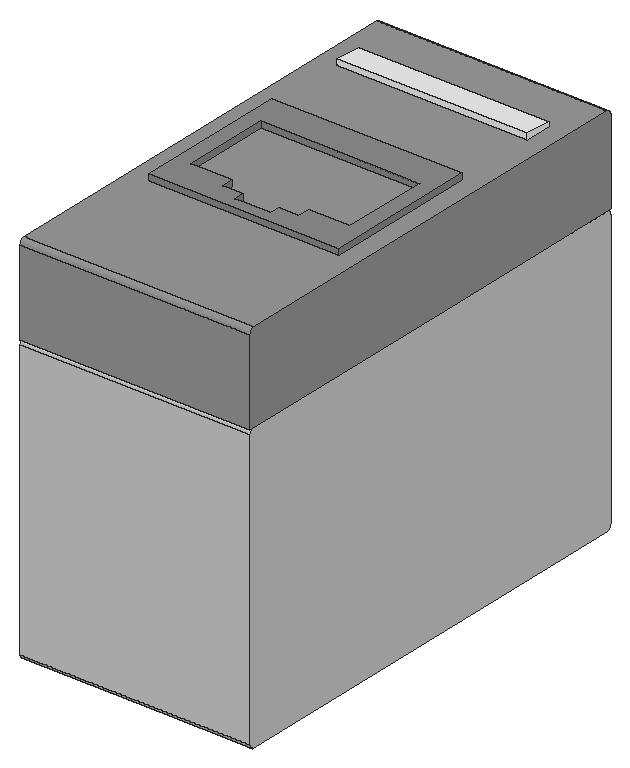
Revit family "Domotics-DomesticRanges-GEWISS-SYSTEM_DATA-SOCKET-OUTLET_RJ45", category Apparecchi elettrici, host Superficie, Revit 2016
Family settings
  Host = Superficie
  Mantenere orientamento annotazione = Sì
  Tipo di parte = Normale
  Quota connettore circolare = Usa diametro
  Numero OmniClass = 23.80.50.14
  Titolo OmniClass = Plug Connectors
  Taglio con vuoti quando caricato = Sì
  Condiviso = Sì
  Punto di calcolo locali = Sì
Parameters (values of type "GW21686 - Socket-outlet RJ45 cat6 ftp black")
  Volt = 0 V
  Vista di pianta [instance] = yes
  Version file RFA = "19.4"
  Use category = "6"
  URL = "https://www.gewiss.com/ww/en"
  Tipo_ = SYSTEM PRESE RJ45_BASE : GW21686 - Nero - 6 FTP
  Technical sheet = "https://www.gewiss.com/ww/en/search?q=GW21686"
  Simbolo = SIMBOLO PRESE TELEFONO : PRESA TEL
  SIMBOLO [instance] = yes
  SEO = "Socket outlet"
  Realized by GEWISS S.p.A. = ""
  Produttore = "GEWISS S.p.A."
  No. pairs = "4"
  No. SYSTEM modules = "1"
  N. poli = 1
  Modello = "GW21686"
  Larghezza presa = 23 mm
  IFC.TypeObject = ""
  IFC.ExportType = ""
  IFC.ExportAs = ""
  Offset pulsante [instance] = 0 mm
  Offset bidimensionale [instance] = 2 mm
  IDT = "4cc29fa8-c327-42cf-aab6-241808a3342b"
  IDF = "e377b961-ed39-430b-951e-6a8c3b17b373"
  Electrocod = "3722"
  EAN code = "8011564247307"
  Distanza_x [instance] = 0 mm
  Distanza_effettiva_x [instance] = 1500 mm - Distanza_x  # 1500 mm
  Default Elevation = 1219.2 mm
  Immagine tipo = GW21686.jpg
  Descrizione = "SOCKET-OUTLET RJ45 CAT6 FTP SY/BK"
  Description: = "RJ45"
  Description. = "RJ45 connector"
  Connection type = "Insulation puncture"
  Connection = "Toolless"
  Compatibility = ""
  Colour = "Black"
  Catalogue Range = "SYSTEM BLACK"
  Catalogue = "DOMOTICS"
  Carico apparente = 0 VA
  Cables = "FTP"
  COBie.Tagnumber = ""
  COBie.CreatedOn = ""
  COBie.CreatebBy = ""
  COBie.ComponentRegisterItemID = ""
  COBie.Component.TagNumber = ""
  COBie.Component.Space = ""
  COBie.Component.SerialNumber = ""
  COBie.Component.InstallationDate = ""
  COBie.Component.Description = ""
  COBie.Component.BarCode = ""
Types (10, lengths in mm): name | Use category | Tipo_ | Technical sheet | Modello | IDT | EAN code | Immagine tipo | Descrizione | Description. | Compatibility | Colour | Catalogue Range | Cables
  GW20243 - Phone s.-outlet RJ45 cat.5e white | "5e" | SYSTEM PRESE RJ45_BASE : GW20243 - Bianco - 5E FTP | "https://www.gewiss.com/ww/en/search?q=GW20243" | "GW20243" | "be156daa-93b9-4891-b725-4496810652ae" | "8011564038509" | GW20243.jpg | "PHONE S.-OUTLET RJ45 CAT.5E SY/WT" | "RJ45" | "" | "White" | "SYSTEM WHITE" | "FTP"
  GW21243 - Phone s.-outlet RJ45 cat.5e black | "5e" | SYSTEM PRESE RJ45_BASE : GW21243 - Nero - 5E FTP | "https://www.gewiss.com/ww/en/search?q=GW21243" | "GW21243" | "8baac18f-d85d-45cd-937b-b3e8e6c7901c" | "8011564128941" | GW21243.jpg | "PHONE S.-OUTLET RJ45 CAT.5E SY/BK" | "RJ45 connector" | "" | "Black" | "SYSTEM BLACK" | "FTP"
  GW20271 - Data connector RJ45 cat.5e utp white | "5e" | SYSTEM PRESE RJ45_BASE : GW20271 - Bianco - 5E UTP | "https://www.gewiss.com/ww/en/search?q=GW20271" | "GW20271" | "ac957603-c2f0-4ffb-b60c-4411caf349e8" | "8011564045828" | GW20271.jpg | "DATA CONNECTOR RJ45 CAT.5E UTP SY/WT" | "RJ45 connector" | "AMP / Keystone Jack" | "White" | "SYSTEM WHITE" | "UTP"
  GW20684 - Socket-outlet RJ45 cat6 utp white | "6" | SYSTEM PRESE RJ45_BASE : GW20684 - Bianco - 6 UTP - Cablaggio con attrezzo | "https://www.gewiss.com/ww/en/search?q=GW20684" | "GW20684" | "a8f58a9a-cda0-4294-bd6c-0d6c2f9dd714" | "8011564117655" | GW20684.jpg | "SOCKET-OUTLET RJ45 CAT6 UTP SY/WT" | "RJ45" | "" | "White" | "SYSTEM WHITE" | "UTP"
  GW20685 - Socket-outlet RJ45 cat6 utp white | "6" | SYSTEM PRESE RJ45_BASE : GW20685 - Bianco - 6 UTP | "https://www.gewiss.com/ww/en/search?q=GW20685" | "GW20685" | "6f3e9495-7f7c-49dc-b89e-f4a3c9d63358" | "8011564247277" | GW20685.jpg | "SOCKET-OUTLET RJ45 CAT6 UTP SY/WT" | "RJ45 connector" | "" | "White" | "SYSTEM WHITE" | "UTP"
  GW20686 - Socket-outlet RJ45 cat6 ftp white | "6" | SYSTEM PRESE RJ45_BASE : GW20686 - Bianco - 6 FTP | "https://www.gewiss.com/ww/en/search?q=GW20686" | "GW20686" | "9686462c-6926-4079-8c15-7c28a893c59a" | "8011564247284" | GW20686.jpg | "SOCKET-OUTLET RJ45 CAT6 FTP SY/WT" | "RJ45 connector" | "" | "White" | "SYSTEM WHITE" | "FTP"
  GW21271 - Data connector RJ45 cat.5e utp black | "5e" | SYSTEM PRESE RJ45_BASE : GW21271 - Nero - 5E UTP | "https://www.gewiss.com/ww/en/search?q=GW21271" | "GW21271" | "6a1c72f6-746c-46dd-a89b-6990ce848043" | "8011564128934" | GW21271.jpg | "DATA CONNECTOR RJ45 CAT.5E UTP SY/BK" | "RJ45" | "AMP / Keystone Jack" | "Black" | "SYSTEM BLACK" | "UTP"
  GW21684 - Socket-outlet RJ45 cat6 utp black | "6" | SYSTEM PRESE RJ45_BASE : GW21684 - Nero - 6 UTP - Cablaggio con attrezzo | "https://www.gewiss.com/ww/en/search?q=GW21684" | "GW21684" | "ace27e0b-ff86-4ad5-8e89-b789acb2d5bc" | "8011564128873" | GW21684.jpg | "SOCKET-OUTLET RJ45 CAT6 UTP SY/BK" | "RJ45 connector" | "" | "Black" | "SYSTEM BLACK" | "UTP"
  GW21685 - Socket-outlet RJ45 cat6 utp black | "6" | SYSTEM PRESE RJ45_BASE : GW21685 - Nero - 6 UTP | "https://www.gewiss.com/ww/en/search?q=GW21685" | "GW21685" | "3cc2dce3-200c-4dfb-9f90-7dc6f24523f4" | "8011564247291" | GW21685.jpg | "SOCKET-OUTLET RJ45 CAT6 UTP SY/BK" | "RJ45 connector" | "" | "Black" | "SYSTEM BLACK" | "UTP"
  GW21686 - Socket-outlet RJ45 cat6 ftp black | "6" | SYSTEM PRESE RJ45_BASE : GW21686 - Nero - 6 FTP | "https://www.gewiss.com/ww/en/search?q=GW21686" | "GW21686" | "4cc29fa8-c327-42cf-aab6-241808a3342b" | "8011564247307" | GW21686.jpg | "SOCKET-OUTLET RJ45 CAT6 FTP SY/BK" | "RJ45 connector" | "" | "Black" | "SYSTEM BLACK" | "FTP"
Reference planes
  plane 1 "Centro (Fronte/Retro)": y = 0
  plane 2: z = 0
  plane 3 "Centro (Sinistra/Destra)": x = 0
  plane 4: z = 0
  plane 5 "piano bidimensionale": z = 41
  plane 6: x = -11.5
  plane 7: x = 11.5
  plane 8: z = 39
  plane 9: x = -1500
  plane 10: x = 0
  plane 11: y = 0
  plane 12: z = 39
Lines and regions (mm)
  Masking region 1, visible <- "Vista di pianta"
    outline origin (0, 0, 0) x (1, 0, 0) y (0, 0, 1)
      loop
        line (-11.5, 0) -> (11.5, 0) -> (11.5, 39) -> (-11.5, 39) -> (-11.5, 0)
  Masking region 2, visible <- "Vista di pianta"
    outline origin (0, 0, 0) x (0, 1, 0) y (0, 0, 1)
      loop
        line (-22.5, 59) -> (-22.5, 0) -> (22.5, 0) -> (22.5, 59) -> (-22.5, 59)
  Masking region 3, visible <- "Vista di pianta"
    outline origin (0, 0, 41) x (0, -1, 0) y (1, 0, 0)
      loop
        line (-22.5, -11.5) -> (22.5, -11.5) -> (22.5, 11.5) -> (-22.5, 11.5) -> (-22.5, -11.5)
      loop
        line (-6.453, -9.5) -> (8.959, -9.5) -> (8.959, 9.5) -> (-6.453, 9.5) -> (-6.453, -9.5)
      loop
        line (-18.947, 4.489) -> (-18.947, -4.489) -> (-17.294, -4.489) -> (-17.294, -9.5) -> (-14.582, -9.5) -> (-14.582, 9.5) -> (-17.294, 9.5) -> (-17.294, 4.489) -> (-18.947, 4.489)
      loop
        line (-3.086, -7.931) -> (5.598, -7.931) -> (5.598, -3.825) -> (6.811, -3.825) -> (6.811, -1.773) -> (7.811, -1.773) -> (7.811, 1.773) -> (6.811, 1.773) -> (6.811, 3.825) -> (5.598, 3.825) -> (5.598, 7.931) -> (-3.086, 7.931) -> (-3.086, -7.931)
  model lines, style "pulsanti", detail levels coarse
    curve 1: line (-11.5, 22.5, 41) -> (11.5, 22.5, 41)
    curve 2: line (-11.5, -22.5, 41) -> (-11.5, 22.5, 41)
    curve 3: line (11.5, -22.5, 41) -> (-11.5, -22.5, 41)
    curve 4: line (11.5, 22.5, 41) -> (11.5, -22.5, 41)
    curve 5: line (-9.5, 17.294, 41) -> (-9.5, 14.582, 41)
    curve 6: line (-9.5, 14.582, 41) -> (9.5, 14.582, 41)
    curve 7: line (9.5, 14.582, 41) -> (9.5, 17.294, 41)
    curve 8: line (9.5, 17.294, 41) -> (4.489, 17.294, 41)
    curve 9: line (4.489, 18.947, 41) -> (-4.489, 18.947, 41)
    curve 10: line (4.489, 17.294, 41) -> (4.489, 18.947, 41)
    curve 11: line (-4.489, 18.947, 41) -> (-4.489, 17.294, 41)
    curve 12: line (-4.489, 17.294, 41) -> (-9.5, 17.294, 41)
    curve 25: line (9.5, 6.453, 41) -> (-9.5, 6.453, 41)
    curve 26: line (-9.5, 6.453, 41) -> (-9.5, -8.959, 41)
    curve 27: line (-9.5, -8.959, 41) -> (9.5, -8.959, 41)
    curve 28: line (9.5, -8.959, 41) -> (9.5, 6.453, 41)
    curve 29: line (7.931, 3.086, 41) -> (7.931, -5.598, 41)
    curve 30: line (7.931, -5.598, 41) -> (3.825, -5.598, 41)
    curve 31: line (3.825, -5.598, 41) -> (3.825, -6.811, 41)
    curve 32: line (3.825, -6.811, 41) -> (1.773, -6.811, 41)
    curve 33: line (1.773, -6.811, 41) -> (1.773, -7.811, 41)
    curve 34: line (1.773, -7.811, 41) -> (-1.773, -7.811, 41)
    curve 35: line (-1.773, -7.811, 41) -> (-1.773, -6.811, 41)
    curve 36: line (-1.773, -6.811, 41) -> (-3.825, -6.811, 41)
    curve 37: line (-3.825, -6.811, 41) -> (-3.825, -5.598, 41)
    curve 38: line (-3.825, -5.598, 41) -> (-7.931, -5.598, 41)
    curve 39: line (-7.931, -5.598, 41) -> (-7.931, 3.086, 41)
    curve 40: line (-7.931, 3.086, 41) -> (7.931, 3.086, 41)
  model lines, style "pulsanti", not visible, detail levels coarse
    curve 13: line (-11.5, 22.5, 41) -> (11.5, 22.5, 41)
    curve 14: line (-11.5, -22.5, 41) -> (-11.5, 22.5, 41)
    curve 15: line (11.5, -22.5, 41) -> (-11.5, -22.5, 41)
    curve 16: line (11.5, 22.5, 41) -> (11.5, -22.5, 41)
    curve 17: line (-9.5, 17.294, 41) -> (-9.5, 14.582, 41)
    curve 18: line (-9.5, 14.582, 41) -> (9.5, 14.582, 41)
    curve 19: line (9.5, 14.582, 41) -> (9.5, 17.294, 41)
    curve 20: line (9.5, 17.294, 41) -> (4.489, 17.294, 41)
    curve 21: line (4.489, 18.947, 41) -> (-4.489, 18.947, 41)
    curve 22: line (4.489, 17.294, 41) -> (4.489, 18.947, 41)
    curve 23: line (-4.489, 18.947, 41) -> (-4.489, 17.294, 41)
    curve 24: line (-4.489, 17.294, 41) -> (-9.5, 17.294, 41)
    curve 41: line (9.5, 6.453, 41) -> (-9.5, 6.453, 41)
    curve 42: line (-9.5, 6.453, 41) -> (-9.5, -8.959, 41)
    curve 43: line (-9.5, -8.959, 41) -> (9.5, -8.959, 41)
    curve 44: line (9.5, -8.959, 41) -> (9.5, 6.453, 41)
    curve 45: line (7.931, 3.086, 41) -> (7.931, -5.598, 41)
    curve 46: line (7.931, -5.598, 41) -> (3.825, -5.598, 41)
    curve 47: line (3.825, -5.598, 41) -> (3.825, -6.811, 41)
    curve 48: line (3.825, -6.811, 41) -> (1.773, -6.811, 41)
    curve 49: line (1.773, -6.811, 41) -> (1.773, -7.811, 41)
    curve 50: line (1.773, -7.811, 41) -> (-1.773, -7.811, 41)
    curve 51: line (-1.773, -7.811, 41) -> (-1.773, -6.811, 41)
    curve 52: line (-1.773, -6.811, 41) -> (-3.825, -6.811, 41)
    curve 53: line (-3.825, -6.811, 41) -> (-3.825, -5.598, 41)
    curve 54: line (-3.825, -5.598, 41) -> (-7.931, -5.598, 41)
    curve 55: line (-7.931, -5.598, 41) -> (-7.931, 3.086, 41)
    curve 56: line (-7.931, 3.086, 41) -> (7.931, 3.086, 41)
Dimensions and locks
  "Offset pulsante": plane 4 to host face
  equal spacing: plane 6, plane 3 "Centro (Sinistra/Destra)", plane 7
  "Larghezza presa": plane 6 to plane 7
  locked: plane 8 to plane 4 at 39
  plane 9 to plane 3 "Centro (Sinistra/Destra)" = 1500 mm
  "Distanza_effettiva_x": plane 9 to plane 10
  "Offset pulsante": plane 11 to plane 1 "Centro (Fronte/Retro)"
  nested 1 to plane 4 = 59 mm
  plane 12 to plane 4 = 39 mm
  "Offset bidimensionale": plane 5 "piano bidimensionale" to plane 12
  aligned and locked: plane 2 to host face
  aligned and locked: level to host face
  aligned and locked: plane 1 "Centro (Fronte/Retro)" to nested 1
  aligned and locked: plane 6 to nested 1
  aligned and locked: plane 7 to nested 1
  aligned and locked: Masking region 1 sketch curve to plane 4
  aligned and locked: Masking region 1 sketch curve to nested 1  (x2)
  aligned and locked: plane 8 to Masking region 1 sketch curve
  aligned and locked: nested 2 to plane 11
  aligned and locked: plane 10 to nested 2
  aligned and locked: Masking region 2 sketch curve to nested 1  (x3)
  aligned and locked: plane 4 to Masking region 2 sketch curve
  aligned and locked: Masking region 3 sketch curve to curve 1
  aligned and locked: Masking region 3 sketch curve to curve 2
  aligned and locked: Masking region 3 sketch curve to curve 3
  aligned and locked: Masking region 3 sketch curve to curve 4
Automatic sketch dimensions
  host sketch curve to host sketch curve = 2438.4 mm  (x2)
  curve 1 to curve 9 = 3.553 mm
  curve 9 to curve 5 = 1.652 mm
  curve 9 to curve 10 = 1.652 mm
  curve 7 to curve 6 = 2.712 mm
  curve 6 to curve 28 = 8.129 mm
  curve 25 to curve 27 = 15.412 mm
  curve 27 to curve 3 = 13.541 mm
  curve 2 to curve 26 = 2 mm
  curve 1 to curve 5 = 2 mm
  curve 5 to curve 9 = 5.011 mm
  curve 9 to curve 10 = 8.979 mm
  curve 8 to curve 28 = 5.011 mm
  curve 8 to curve 7 = 5.011 mm
  curve 27 to curve 3 = 2 mm
  curve 25 to curve 39 = 3.367 mm
  curve 38 to curve 26 = 3.361 mm
  curve 30 to curve 27 = 3.361 mm
  curve 38 to curve 37 = 1.213 mm
  curve 30 to curve 31 = 1.213 mm
  curve 36 to curve 34 = 1 mm
  curve 25 to curve 40 = 1.569 mm
  curve 39 to curve 37 = 4.105 mm
  curve 37 to curve 35 = 2.053 mm
  curve 35 to curve 33 = 3.545 mm
  curve 33 to curve 32 = 2.053 mm
  curve 29 to curve 27 = 1.569 mm
  curve 13 to curve 21 = 3.553 mm
  curve 21 to curve 17 = 1.652 mm
  curve 21 to curve 22 = 1.652 mm
  curve 19 to curve 18 = 2.712 mm
  curve 18 to curve 44 = 8.129 mm
  curve 41 to curve 43 = 15.412 mm
  curve 43 to curve 15 = 13.541 mm
  curve 14 to curve 42 = 2 mm
  curve 13 to curve 17 = 2 mm
  curve 17 to curve 21 = 5.011 mm
  curve 21 to curve 22 = 8.979 mm
  curve 20 to curve 44 = 5.011 mm
  curve 20 to curve 19 = 5.011 mm
  curve 43 to curve 15 = 2 mm
  curve 41 to curve 55 = 3.367 mm
  curve 54 to curve 42 = 3.361 mm
  curve 46 to curve 43 = 3.361 mm
  curve 54 to curve 53 = 1.213 mm
  curve 46 to curve 47 = 1.213 mm
  curve 52 to curve 50 = 1 mm
  curve 41 to curve 56 = 1.569 mm
  curve 55 to curve 53 = 4.105 mm
  curve 53 to curve 51 = 2.053 mm
  curve 51 to curve 49 = 3.545 mm
  curve 49 to curve 48 = 2.053 mm
  curve 45 to curve 43 = 1.569 mm
  Masking region 3 sketch curve to Masking region 3 sketch curve = 3.553 mm
  Masking region 3 sketch curve to Masking region 3 sketch curve = 1.652 mm  (x2)
  plane 6 to Masking region 3 sketch curve = 2 mm  (x2)
  Masking region 3 sketch curve to Masking region 3 sketch curve = 2.712 mm
  Masking region 3 sketch curve to plane 1 "Centro (Fronte/Retro)" = 6.453 mm
  Masking region 3 sketch curve to plane 1 "Centro (Fronte/Retro)" = 3.086 mm
  plane 1 "Centro (Fronte/Retro)" to Masking region 3 sketch curve = 5.598 mm  (x2)
  Masking region 3 sketch curve to Masking region 3 sketch curve = 1.213 mm  (x2)
  Masking region 3 sketch curve to Masking region 3 sketch curve = 1 mm
  Masking region 3 sketch curve to Masking region 3 sketch curve = 3.361 mm
  Masking region 3 sketch curve to plane 3 "Centro (Sinistra/Destra)" = 4.489 mm
  Masking region 3 sketch curve to plane 3 "Centro (Sinistra/Destra)" = 3.825 mm
  Masking region 3 sketch curve to plane 3 "Centro (Sinistra/Destra)" = 1.773 mm
  plane 3 "Centro (Sinistra/Destra)" to Masking region 3 sketch curve = 1.773 mm
  Masking region 3 sketch curve to Masking region 3 sketch curve = 2.053 mm
  plane 3 "Centro (Sinistra/Destra)" to Masking region 3 sketch curve = 4.489 mm
  Masking region 3 sketch curve to plane 7 = 3.569 mm
  Masking region 3 sketch curve to plane 7 = 2 mm  (x2)
  plane 6 to Masking region 3 sketch curve = 3.569 mm
Nested families
  nested 1: "SYSTEM PRESE RJ45_BASE" at (0, 0, 20.273), type <- "Tipo_", type "GW21686 - Nero - 6 FTP", detail levels medium+fine
  nested 2: "SIMBOLO PRESE TELEFONO" at (0, 0, 0), type <- "Simbolo", SIMBOLO <- "SIMBOLO", visible <- "SIMBOLO", type "PRESA TEL"
    with TESTO ELETTRICO "RJ45", Distanza dal muro 4.208 mm, BORDO ACCESO yes
Connectors
  electrical at (0, 0, 20.273), driven by "N. poli", driven by "Volt", driven by "Carico apparente"
    settings: on nested 1, index 1, voltage 0 V, apparent load 0 VA, apparent load phase1 0 VA, apparent load phase2 0 VA, apparent load phase3 0 VA, power factor 1, load classification "Other", number of poles 1, system type 31, power factor state 1, is connector primary yes, connector utility no, sub classification motor no, connector description ""
Definition of nested family "SYSTEM PRESE RJ45_BASE"
  Parameters (values of type "GW20686 - Bianco - 6 FTP")
    Elemento superiore = none
    Elemento acciaio = none
    Supporto = none
    Struttura = none
    Pulsante = none
    Profondità suporto = 15.673 mm
    Larghezza pulsante = 23 mm  # constant formula
    Bidimensionale = 36.414 mm
    Altezza pulsante = 45 mm
  Types (12): name
    GW20243 - Bianco - 5E FTP
    GW21243 - Nero - 5E FTP
    GW20271 - Bianco - 5E UTP
    GW20684 - Bianco - 6 UTP - Cablaggio con attrezzo
    GW20685 - Bianco - 6 UTP
    GW20686 - Bianco - 6 FTP
    GW21271 - Nero - 5E UTP
    GW21684 - Nero - 6 UTP - Cablaggio con attrezzo
    GW21685 - Nero - 6 UTP
    GW21686 - Nero - 6 FTP
    GW21251 - Nero
    GW20251 - Bianco
  Reference planes
    plane 1 "Centro (Fronte/Retro)": y = 0
    plane 2: z = 0
    plane 3 "Centro (Sinistra/Destra)": x = 0
    plane 4: y = -22.5
    plane 5: y = 22.5
    plane 6: x = -11.5
    plane 7: x = 11.5
    plane 8 "PIANO BIDIMENSIONALE": z = 36.414
    plane 9: x = -9.5
    plane 10: x = 9.5
    plane 11: z = 38.727
    plane 12: y = 17.294
    plane 13: y = 14.582
  Forms (mm)
    Extrusion 1, solid, material <- "Struttura", detail levels medium+fine
      sketch origin (0, 0, 0) x (0, 1, 0) y (0, 0, 1)
        loop
          line (22.5, 0.5) -> (22.5, 28.227)
          arc (22.5, 28.227) -> (22.354, 28.581) -> (22, 28.727) r 0.5
          line (22, 28.727) -> (-22, 28.727)
          arc (-22, 28.727) -> (-22.354, 28.581) -> (-22.5, 28.227) r 0.5
          line (-22.5, 28.227) -> (-22.5, 0.5)
          arc (-22.5, 0.5) -> (-22.354, 0.146) -> (-22, 0) r 0.5
          line (-22, 0) -> (22, 0)
          arc (22, 0) -> (22.354, 0.146) -> (22.5, 0.5) r 0.5
      from -11.5 to 11.5
    Extrusion 2, solid, material <- "Pulsante", detail levels medium+fine
      sketch origin (0, 0, 0.006) x (0, 1, 0) y (0, 0, 1)
        loop
          line (-22.5, 37.221) -> (-22.5, 28.721) -> (3, 28.721) -> (22.5, 28.721) -> (22.5, 37.221)
          arc (22.5, 37.221) -> (22.354, 37.575) -> (22, 37.721) r 0.5
          line (22, 37.721) -> (-22, 37.721)
          arc (-22, 37.721) -> (-22.354, 37.575) -> (-22.5, 37.221) r 0.5
      from -11.5 to 11.5
    Extrusion 3, solid, material <- "Elemento acciaio", detail levels medium+fine
      sketch origin (0, 0, 36.414) x (-1, 0, 0) y (0, -1, 0)
        loop
          line (9.5, -6.453) -> (9.5, 8.959) -> (-9.5, 8.959) -> (-9.5, -6.453) -> (9.5, -6.453)
        loop
          line (1.773, 6.811) -> (1.773, 7.811) -> (-1.773, 7.811) -> (-1.773, 6.811) -> (-3.825, 6.811) -> (-3.825, 5.598) -> (-7.931, 5.598) -> (-7.931, -3.086) -> (7.931, -3.086) -> (7.931, 5.598) -> (3.825, 5.598) -> (3.825, 6.811) -> (1.773, 6.811)
      from 0 to 1.875
    Extrusion 4, solid, material <- "Elemento acciaio", detail levels medium+fine
      sketch origin (0, 0, 36.414) x (-1, 0, 0) y (0, -1, 0)
        loop
          line (9.5, -6.453) -> (9.5, 8.959) -> (-9.5, 8.959) -> (-9.5, -6.453) -> (9.5, -6.453)
      from 0 to 0.4
    Extrusion 5, void
      sketch origin (0, 0, 0) x (0, 1, 0) y (0, 0, 1)
        loop
          arc (17.294, 38.11) -> (15.938, 38.203) -> (14.582, 38.288) r 242.438
          line (14.582, 38.288) -> (14.582, 36.882)
          arc (14.582, 36.882) -> (15.938, 36.414) -> (17.294, 36.882) r 2.196
          line (17.294, 36.882) -> (17.294, 38.11)
      from -9.5 to 9.5
    Extrusion 6, solid, material <- "Elemento superiore", detail levels medium+fine
      sketch origin (0, 0, 0) x (0, 1, 0) y (0, 0, 1)
        loop
          arc (17.294, 38.11) -> (15.938, 38.203) -> (14.582, 38.288) r 242.438
          line (14.582, 38.288) -> (14.582, 37.287)
          arc (14.582, 37.287) -> (15.938, 37.201) -> (17.294, 37.107) r 241.438
          line (17.294, 37.107) -> (17.294, 38.11)
      from -9.5 to 9.5
  Cuts and joins
    Extrusion 5 cuts Extrusion 2
    joined: Extrusion 3, Extrusion 4
  Lines and regions (mm)
    Masking region 1
      outline origin (0, 0, 36.414) x (-1, 0, 0) y (0, -1, 0)
        loop
          line (11.5, -22.5) -> (11.5, 22.5) -> (-11.5, 22.5) -> (-11.5, -22.5) -> (11.5, -22.5)
        loop
          line (9.5, -17.294) -> (9.5, -14.582) -> (-9.5, -14.582) -> (-9.5, -17.294) -> (-4.489, -17.294) -> (-4.489, -18.947) -> (4.489, -18.947) -> (4.489, -17.294) -> (9.5, -17.294)
        loop
          line (9.5, -6.453) -> (9.5, 8.959) -> (-9.5, 8.959) -> (-9.5, -6.453) -> (9.5, -6.453)
        loop
          line (3.825, 5.598) -> (3.825, 6.811) -> (1.773, 6.811) -> (1.773, 7.811) -> (-1.773, 7.811) -> (-1.773, 6.811) -> (-3.825, 6.811) -> (-3.825, 5.598) -> (-7.931, 5.598) -> (-7.931, -3.086) -> (7.931, -3.086) -> (7.931, 5.598) -> (3.825, 5.598)
    Masking region 2
      outline origin (0, 0, 36.414) x (-1, 0, 0) y (0, -1, 0)
        loop
          line (4.489, -18.947) -> (4.489, -17.294) -> (9.5, -17.294) -> (9.5, -14.582) -> (-9.5, -14.582) -> (-9.5, -17.294) -> (-4.489, -17.294) -> (-4.489, -18.947) -> (4.489, -18.947)
        loop
          line (9.5, 8.959) -> (-9.5, 8.959) -> (-9.5, -6.453) -> (9.5, -6.453) -> (9.5, 8.959)
        loop
          line (7.931, 5.598) -> (3.825, 5.598) -> (3.825, 6.811) -> (1.773, 6.811) -> (1.773, 7.811) -> (-1.773, 7.811) -> (-1.773, 6.811) -> (-3.825, 6.811) -> (-3.825, 5.598) -> (-7.931, 5.598) -> (-7.931, -3.086) -> (7.931, -3.086) -> (7.931, 5.598)
  Dimensions and locks
    equal spacing: plane 4, plane 1 "Centro (Fronte/Retro)", plane 5
    plane 4 to plane 5 = 45 mm
    equal spacing: plane 6, plane 3 "Centro (Sinistra/Destra)", plane 7
    "Larghezza pulsante": plane 6 to plane 7
    equal spacing: plane 5, plane 1 "Centro (Fronte/Retro)", plane 4
    "Altezza pulsante": plane 5 to plane 4
    "Bidimensionale": plane 8 "PIANO BIDIMENSIONALE" to level
    equal spacing: plane 9, plane 3 "Centro (Sinistra/Destra)", plane 10
    plane 6 to plane 9 = 2 mm
    plane 10 to plane 7 = 2 mm
    plane 1 "Centro (Fronte/Retro)" to Extrusion 3 = 6.453 mm
    aligned and locked: level to plane 2
    aligned and locked: Extrusion 2 to Extrusion 1
    aligned and locked: Extrusion 1 to Extrusion 2
    aligned and locked: Extrusion 2 to plane 6
    aligned and locked: plane 7 to Extrusion 2
    aligned and locked: Extrusion 3 to plane 8 "PIANO BIDIMENSIONALE"
    aligned and locked: Extrusion 4 to plane 8 "PIANO BIDIMENSIONALE"
    aligned and locked: Masking region 1 sketch curve to Extrusion 1  (x4)
  Automatic sketch dimensions
    Extrusion 1 sketch curve to plane 4 = 0 mm
    Extrusion 1 sketch curve to level = 0 mm
    Extrusion 1 sketch curve to plane 5 = 0 mm
    level to Extrusion 1 sketch curve = 0.5 mm
    plane 4 to Extrusion 1 sketch curve = 0.5 mm
    Extrusion 1 sketch curve to Extrusion 1 sketch curve = 0.5 mm  (x2)
    Extrusion 1 sketch curve to plane 8 "PIANO BIDIMENSIONALE" = 8.187 mm
    Extrusion 4 sketch curve to plane 10 = 0 mm
    plane 9 to Extrusion 4 sketch curve = 0 mm
    Extrusion 4 sketch curve to plane 1 "Centro (Fronte/Retro)" = 6.453 mm
    plane 1 "Centro (Fronte/Retro)" to Extrusion 4 sketch curve = 8.959 mm
    Extrusion 5 sketch curve to plane 1 "Centro (Fronte/Retro)" = 0 mm
    Extrusion 5 sketch curve to plane 13 = 0 mm
    Extrusion 5 sketch curve to plane 12 = 0 mm
    plane 11 to Extrusion 5 sketch curve = 0.117 mm
    plane 11 to Extrusion 5 sketch curve = 0.439 mm
    plane 8 "PIANO BIDIMENSIONALE" to Extrusion 5 sketch curve = 0.469 mm  (x2)
    Extrusion 5 sketch curve to level = 203.711 mm
    Masking region 1 sketch curve to plane 10 = 0 mm  (x2)
    Masking region 1 sketch curve to plane 12 = 0 mm  (x2)
    Masking region 1 sketch curve to plane 9 = 0 mm  (x2)
    Masking region 1 sketch curve to plane 13 = 0 mm
    plane 12 to Masking region 1 sketch curve = 1.652 mm
    plane 3 "Centro (Sinistra/Destra)" to Masking region 1 sketch curve = 4.489 mm
    Masking region 1 sketch curve to plane 3 "Centro (Sinistra/Destra)" = 4.489 mm
    Masking region 2 sketch curve to plane 10 = 0 mm  (x2)
    Masking region 2 sketch curve to plane 12 = 0 mm  (x2)
    Masking region 2 sketch curve to plane 9 = 0 mm  (x2)
    Masking region 2 sketch curve to plane 13 = 0 mm
    plane 12 to Masking region 2 sketch curve = 1.652 mm
    plane 3 "Centro (Sinistra/Destra)" to Masking region 2 sketch curve = 4.489 mm
    Masking region 2 sketch curve to plane 3 "Centro (Sinistra/Destra)" = 4.489 mm
    Extrusion 3 sketch curve to plane 10 = 0 mm
    Extrusion 3 sketch curve to plane 9 = 0 mm
    Extrusion 3 sketch curve to plane 10 = 1.569 mm
    plane 3 "Centro (Sinistra/Destra)" to Extrusion 3 sketch curve = 3.825 mm
    plane 3 "Centro (Sinistra/Destra)" to Extrusion 3 sketch curve = 1.773 mm
    Extrusion 3 sketch curve to plane 3 "Centro (Sinistra/Destra)" = 1.773 mm
    Extrusion 3 sketch curve to Extrusion 3 sketch curve = 2.053 mm
    plane 9 to Extrusion 3 sketch curve = 1.569 mm
    Extrusion 3 sketch curve to plane 1 "Centro (Fronte/Retro)" = 6.453 mm
    Extrusion 3 sketch curve to plane 1 "Centro (Fronte/Retro)" = 3.086 mm
    plane 1 "Centro (Fronte/Retro)" to Extrusion 3 sketch curve = 5.598 mm  (x2)
    Extrusion 3 sketch curve to Extrusion 3 sketch curve = 1.213 mm  (x2)
    Extrusion 3 sketch curve to Extrusion 3 sketch curve = 3.361 mm
    Extrusion 3 sketch curve to Extrusion 3 sketch curve = 1 mm
    Masking region 1 sketch curve to plane 1 "Centro (Fronte/Retro)" = 6.453 mm
    plane 1 "Centro (Fronte/Retro)" to Masking region 1 sketch curve = 8.959 mm
    Masking region 1 sketch curve to plane 10 = 1.569 mm
    plane 3 "Centro (Sinistra/Destra)" to Masking region 1 sketch curve = 3.825 mm
    plane 3 "Centro (Sinistra/Destra)" to Masking region 1 sketch curve = 1.773 mm
    Masking region 1 sketch curve to plane 3 "Centro (Sinistra/Destra)" = 1.773 mm
    Masking region 1 sketch curve to Masking region 1 sketch curve = 2.053 mm
    plane 9 to Masking region 1 sketch curve = 1.569 mm
    Masking region 1 sketch curve to plane 1 "Centro (Fronte/Retro)" = 3.086 mm
    plane 1 "Centro (Fronte/Retro)" to Masking region 1 sketch curve = 5.598 mm  (x2)
    Masking region 1 sketch curve to Masking region 1 sketch curve = 1.213 mm  (x2)
    Masking region 1 sketch curve to Masking region 1 sketch curve = 1 mm
    Masking region 2 sketch curve to plane 1 "Centro (Fronte/Retro)" = 6.453 mm
    plane 1 "Centro (Fronte/Retro)" to Masking region 2 sketch curve = 8.959 mm
    Masking region 2 sketch curve to plane 10 = 1.569 mm
    plane 3 "Centro (Sinistra/Destra)" to Masking region 2 sketch curve = 3.825 mm
    plane 3 "Centro (Sinistra/Destra)" to Masking region 2 sketch curve = 1.773 mm
    Masking region 2 sketch curve to plane 3 "Centro (Sinistra/Destra)" = 1.773 mm
    Masking region 2 sketch curve to Masking region 2 sketch curve = 2.053 mm
    plane 9 to Masking region 2 sketch curve = 1.569 mm
    Masking region 2 sketch curve to plane 1 "Centro (Fronte/Retro)" = 3.086 mm
    Masking region 2 sketch curve to Masking region 2 sketch curve = 3.361 mm  (x2)
    Masking region 2 sketch curve to Masking region 2 sketch curve = 1.213 mm  (x2)
    Masking region 2 sketch curve to Masking region 2 sketch curve = 1 mm
    Extrusion 6 sketch curve to plane 1 "Centro (Fronte/Retro)" = 0 mm
    Extrusion 6 sketch curve to plane 13 = 0 mm
    plane 11 to Extrusion 6 sketch curve = 0.439 mm
    Extrusion 6 sketch curve to plane 12 = 0 mm
    plane 8 "PIANO BIDIMENSIONALE" to Extrusion 6 sketch curve = 0.693 mm
    Extrusion 6 sketch curve to Extrusion 6 sketch curve = 0 mm  (x2)
    Extrusion 6 sketch curve to Extrusion 6 sketch curve = 1.003 mm
    Extrusion 2 sketch curve to plane 4 = 0 mm
    Extrusion 2 sketch curve to plane 5 = 0 mm
    Extrusion 2 sketch curve to Extrusion 2 sketch curve = 0.5 mm  (x2)
    Extrusion 2 sketch curve to plane 1 "Centro (Fronte/Retro)" = 3 mm
    Extrusion 2 sketch curve to plane 8 "PIANO BIDIMENSIONALE" = 7.687 mm
    plane 8 "PIANO BIDIMENSIONALE" to Extrusion 2 sketch curve = 0.813 mm
Definition of nested family "SIMBOLO PRESE TELEFONO"
  Parameters (values of type "PRESA TEL")
    TESTO ELETTRICO [instance] = "TXT"
    Simbolo = SIMBOLO PRESE TELEFONO_BASE : PRESA
    SIMBOLO [instance] = yes
    Distanza dal muro [instance] = 4.208 mm
    BORDO ACCESO [instance] = yes
  Reference planes
    plane 1: y = 0
    plane 2: x = 0
  Dimensions and locks
    aligned and locked: plane 2 to nested 1
    aligned and locked: plane 1 to nested 1
  Nested families
    nested 1: "SIMBOLO PRESE TELEFONO_BASE" at (0, 0, 0), TESTO ELETTRICO <- "TESTO ELETTRICO", BORDO ACCESO <- "BORDO ACCESO", type <- "Simbolo", visible <- "SIMBOLO", type "PRESA"
      with TESTO ELETTRICO "TXT", BORDO ACCESO yes
  Definition of nested family "SIMBOLO PRESE TELEFONO_BASE"
    Parameters (values of type "PRESA")
      TESTO ELETTRICO [instance] = "TXT"
      Distanza dal muro = 4.208 mm
      BORDO ACCESO [instance] = yes
    Reference planes
      plane 1: y = 0
      plane 2: x = 0
    Lines and regions (mm)
      detail lines, visible <- "BORDO ACCESO", not visible
        curve 1: line (-1.743, 9.208, 0) -> (2.057, 9.208, 0)
        curve 2: line (2.057, 9.208, 0) -> (2.057, 4.208, 0)
        curve 3: line (2.057, 4.208, 0) -> (-1.743, 4.208, 0)
        curve 4: line (-1.743, 4.208, 0) -> (-1.743, 9.208, 0)
        curve 5: line (-1.543, 9.008, 0) -> (1.857, 9.008, 0)
        curve 6: line (1.857, 9.008, 0) -> (1.857, 4.408, 0)
        curve 7: line (1.857, 4.408, 0) -> (-1.543, 4.408, 0)
        curve 8: line (-1.543, 4.408, 0) -> (-1.543, 9.008, 0)
      detail lines
        curve 9: line (0.851, 1.172, 0) -> (-0.851, 1.172, 0)
        curve 10: line (0, 1.172, 0) -> (0, 0.32, 0)
        curve 11: line (-0.851, 2.023, 0) -> (-0.851, 1.172, 0)
        curve 12: line (0.851, 2.023, 0) -> (0.851, 1.172, 0)
    Text (mm)
      label "TXT" at (0.016, 1.658, 0), shows "TESTO ELETTRICO"
